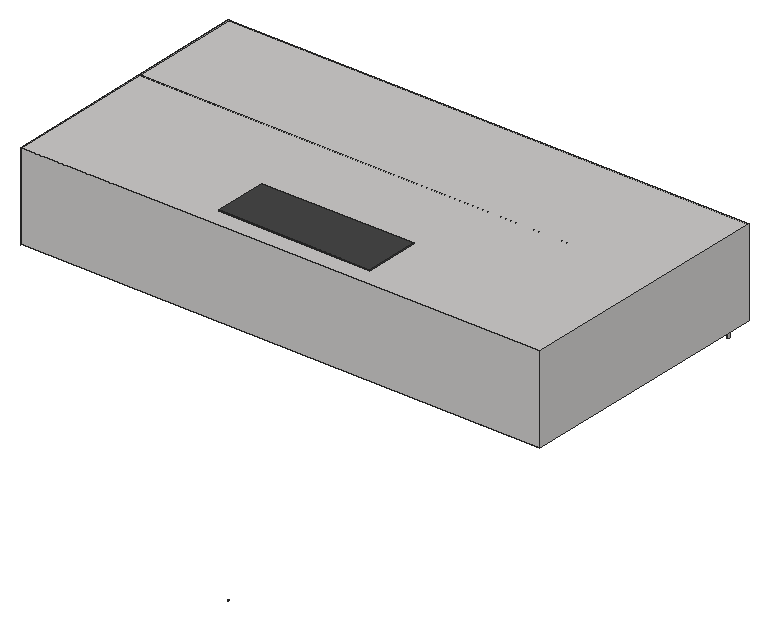
Revit family "QF_ELECTROLUXPROFESSIONAL_643323_DK1224", category Specialty Equipment, Revit 2014
Reference planes
  plane 1: z = 0
  plane 2 "Center (Left/Right)": x = 150
  plane 3 "LEFT": x = -1050
  plane 4 "RIGHT": x = 1350
  plane 5 "BACK": y = 550
  plane 6 "TOP": z = 2400
  plane 7 "Base": z = 2000
  plane 8: z = 1970
  plane 9 "DrainY": y = 450
  plane 10: x = -1047
  plane 11: y = -320
  plane 12: y = -570
  plane 13 "DrainX": x = 1337
  plane 14 "AOLeft2": x = 500
  plane 15: x = 1347
  plane 16: x = -850
  plane 17: x = 1150
  plane 18 "Center (Front/Back)": y = -50
  plane 19 "Front": y = -650
  plane 20 "AOLeft1": x = -200
Forms (mm)
  Extrusion 1, solid, material "QF_Finishes_Stainless Steel"
    sketch origin (-1050, 0, 360) x (0, 1, 0) y (0, 0, 1)
      loop
        line (550, 1640) -> (550, 2040) -> (-650, 2040) -> (-650, 1640) -> (550, 1640)
    from 0 to 3
  Extrusion 2, solid, material "QF_Finishes_Stainless Steel"
    sketch origin (1350, 0, 360) x (0, 1, 0) y (0, 0, 1)
      loop
        line (550, 1640) -> (550, 2040) -> (-650, 2040) -> (-650, 1640) -> (550, 1640)
    from 0 to -3
  Extrusion 3, solid, material "QF_Finishes_Stainless Steel"
    sketch origin (150, 0, 360) x (0, 1, 0) y (0, 0, 1)
      loop
        line (-650, 2040) -> (-650, 1640) -> (-640, 1640) -> (-640, 1640.8) -> (-649.2, 1640.8) -> (-649.2, 2039.19) -> (549.2, 2039.19) -> (549.2, 1640.8) -> (540, 1640.8) -> (540, 1640) -> (550, 1640) -> (550, 2040) -> (-650, 2040)
    from -1200 to 1200
  Extrusion 4, solid, material "QF_Finishes_Stainless Steel"
    sketch origin (0, 0, 2000) x (0, 1, 0) y (-1, 0, 0)
      loop
        circle (450, -1337) r 4.763
    from -30 to 0
  Extrusion 5, solid, material "QF_Finishes_Black"
    sketch origin (0, 0, 2400) x (0, 1, 0) y (-1, 0, 0)
      loop
        line (-320, -500) -> (-320, 200) -> (-570, 200) -> (-570, -500) -> (-320, -500)
    from 5 to 0
  Extrusion 6, solid, material "QF_Finishes_Stainless Steel"
    sketch origin (0, 0, 0) x (1, 0, 0) y (0, 1, 0)
      loop
        line (-1050, 550) -> (-1050, 549) -> (-1049, 549) -> (-1049, 550) -> (-1050, 550)
    from 0 to 1
  Sweep 7, solid, material "QF_Finishes_Stainless Steel"
    path origin (0, 0, 0) x (1, 0, 0) y (0, 1, 0)
      loop
        line (1350, 550) -> (-1050, 550) -> (-1050, -650) -> (1350, -650) -> (1350, 550)
    profile origin (1350, -50, 0) x (1, 0, 0) y (0, 0, 1)
      loop
        line (-3, 2000) -> (-3, 2000.8) -> (-19, 2000.8) -> (-19, 2010) -> (-20, 2010) -> (-20, 2000) -> (-3, 2000)
  Extrusion 8, solid, material "QF_Finishes_Stainless Steel"
    sketch origin (150, 0, 0) x (0, 1, 0) y (0, 0, 1)
      loop
        line (35, 2399.19) -> (34.2, 2399.19) -> (34.2, 2329.838) -> (-320.309, 2254.485) -> (-614.003, 2066.672) -> (-614.003, 2000.8) -> (-613.203, 2000.8) -> (-613.203, 2066.234) -> (-320, 2253.732) -> (35, 2329.19) -> (35, 2399.19)
    from -1197 to 1197
Cuts and joins
  joined: Extrusion 2, Extrusion 3, Sweep 7
Lines and regions (mm)
  symbolic lines, style "SpecialityEquipment", detail levels coarse
    curve 1: line (1350, 550, 2400) -> (-1050, 550, 2400)
    curve 2: line (-1050, 550, 2400) -> (-1050, -650, 2400)
    curve 3: line (1350, -650, 2400) -> (1350, 550, 2400)
    curve 4: line (-1050, 550, 0) -> (1350, -650, 0)
    curve 5: line (1350, 550, 0) -> (-1050, -650, 0)
    curve 6: line (-1050, -650, 0) -> (1350, -650, 0)
  symbolic lines, detail levels coarse
    curve 7: line (-200, -570, 0) -> (500, -570, 0)
    curve 8: line (-200, -320, 0) -> (-200, -570, 0)
    curve 9: line (500, -320, 0) -> (-200, -320, 0)
    curve 10: line (500, -570, 0) -> (500, -320, 0)
Dimensions and locks
  plane 3 "LEFT" to plane 4 "RIGHT" = 2400 mm
  equal spacing: plane 3 "LEFT", plane 2 "Center (Left/Right)", plane 4 "RIGHT"
  plane 7 "Base" to plane 8 = 30 mm
  plane 5 "BACK" to plane 9 "DrainY" = 100 mm  (x2)
  plane 3 "LEFT" to plane 10 = 3 mm
  plane 13 "DrainX" to plane 4 "RIGHT" = 13 mm
  plane 15 to plane 4 "RIGHT" = 3 mm
  plane 3 "LEFT" to plane 16 = 200 mm
  plane 17 to plane 4 "RIGHT" = 200 mm
  locked: plane 7 "Base" to level at 2000
  locked: plane 6 "TOP" to plane 7 "Base" at 400
  plane 5 "BACK" to plane 19 "Front" = 1200 mm  (x2)
  equal spacing: plane 5 "BACK", plane 18 "Center (Front/Back)", plane 19 "Front"
  plane 12 to plane 19 "Front" = 80 mm
  locked: plane 11 to plane 12 at 250
  locked: plane 20 "AOLeft1" to plane 14 "AOLeft2" at 700
  equal spacing: plane 20 "AOLeft1", plane 2 "Center (Left/Right)", plane 14 "AOLeft2"
  aligned and locked: level to plane 1
  aligned and locked: plane 4 "RIGHT" to Extrusion 3
  aligned and locked: Extrusion 3 to plane 3 "LEFT"
  aligned and locked: Extrusion 5 to plane 12
  aligned and locked: Extrusion 5 to plane 11
  aligned and locked: Extrusion 2 to plane 15
  aligned and locked: Extrusion 8 to plane 10
  aligned and locked: plane 15 to Extrusion 8
  aligned and locked: Extrusion 5 to plane 20 "AOLeft1"
  aligned and locked: Extrusion 5 to plane 14 "AOLeft2"
Automatic sketch dimensions
  Extrusion 1 sketch curve to plane 7 "Base" = 0 mm
  Extrusion 1 sketch curve to plane 19 "Front" = 0 mm
  Extrusion 1 sketch curve to plane 5 "BACK" = 0 mm
  Extrusion 1 sketch curve to plane 6 "TOP" = 0 mm
  Extrusion 2 sketch curve to plane 7 "Base" = 0 mm
  Extrusion 2 sketch curve to plane 19 "Front" = 0 mm
  Extrusion 2 sketch curve to plane 5 "BACK" = 0 mm
  Extrusion 2 sketch curve to plane 6 "TOP" = 0 mm
  Extrusion 3 sketch curve to plane 6 "TOP" = 0 mm
  Extrusion 3 sketch curve to plane 19 "Front" = 0 mm
  Extrusion 3 sketch curve to plane 7 "Base" = 0 mm  (x2)
  Extrusion 3 sketch curve to plane 5 "BACK" = 0 mm
  plane 19 "Front" to Extrusion 3 sketch curve = 0.8 mm
  Extrusion 3 sketch curve to Extrusion 3 sketch curve = 9.2 mm
  plane 7 "Base" to Extrusion 3 sketch curve = 0.8 mm  (x2)
  Extrusion 3 sketch curve to plane 5 "BACK" = 10 mm
  Extrusion 3 sketch curve to plane 5 "BACK" = 0.8 mm
  Extrusion 3 sketch curve to plane 6 "TOP" = 0.81 mm
  Extrusion 4 sketch curve to plane 9 "DrainY" = 0 mm
  Extrusion 4 sketch curve to plane 13 "DrainX" = 0 mm
  Extrusion 5 sketch curve to plane 12 = 0 mm
  plane 11 to Extrusion 5 sketch curve = 0 mm
  Extrusion 5 sketch curve to plane 14 "AOLeft2" = 0 mm
  Extrusion 5 sketch curve to plane 20 "AOLeft1" = 0 mm
  Extrusion 6 sketch curve to plane 3 "LEFT" = 0 mm
  Extrusion 6 sketch curve to plane 5 "BACK" = 0 mm
  plane 3 "LEFT" to Extrusion 6 sketch curve = 1 mm
  Extrusion 6 sketch curve to Extrusion 6 sketch curve = 1 mm
  Sweep 7 sketch curve to plane 3 "LEFT" = 0 mm
  Sweep 7 sketch curve to plane 4 "RIGHT" = 0 mm
  Sweep 7 sketch curve to plane 19 "Front" = 0 mm
  Sweep 7 sketch curve to plane 5 "BACK" = 0 mm
  profile plane to Sweep 7 sketch curve = 20 mm
  Sweep 7 sketch curve to Sweep 7 sketch curve = 1 mm
  profile plane to Sweep 7 sketch curve = 3 mm
  level to Sweep 7 sketch curve = 2000 mm
  Sweep 7 sketch curve to Sweep 7 sketch curve = 0.8 mm
  Sweep 7 sketch curve to Sweep 7 sketch curve = 9.2 mm
  curve 5 to plane 3 "LEFT" = 0 mm
  curve 4 to plane 3 "LEFT" = 0 mm
  curve 6 to plane 19 "Front" = 0 mm
  curve 5 to plane 4 "RIGHT" = 0 mm
  curve 6 to plane 4 "RIGHT" = 0 mm
  curve 5 to plane 5 "BACK" = 0 mm
  curve 4 to plane 5 "BACK" = 0 mm
  curve 2 to plane 3 "LEFT" = 0 mm
  curve 2 to plane 19 "Front" = 0 mm
  curve 3 to plane 4 "RIGHT" = 0 mm
  curve 3 to plane 19 "Front" = 0 mm
  curve 2 to plane 5 "BACK" = 0 mm
  Extrusion 8 sketch curve to plane 11 = 0 mm
  plane 11 to Extrusion 8 sketch curve = 0.309 mm
  plane 7 "Base" to Extrusion 8 sketch curve = 0.8 mm
  plane 19 "Front" to Extrusion 8 sketch curve = 36.797 mm
  Extrusion 8 sketch curve to Extrusion 8 sketch curve = 0.8 mm  (x2)
  plane 18 "Center (Front/Back)" to Extrusion 8 sketch curve = 84.2 mm
  Extrusion 8 sketch curve to Extrusion 8 sketch curve = 65.434 mm
  Extrusion 8 sketch curve to plane 6 "TOP" = 146.268 mm
  Extrusion 8 sketch curve to Extrusion 8 sketch curve = 0.752 mm
  Extrusion 8 sketch curve to plane 6 "TOP" = 70.81 mm
  Extrusion 8 sketch curve to Extrusion 8 sketch curve = 0.648 mm
  Extrusion 8 sketch curve to Extrusion 8 sketch curve = 0.438 mm
  Extrusion 8 sketch curve to plane 6 "TOP" = 0.81 mm
  curve 7 to plane 12 = 0 mm
  curve 7 to plane 20 "AOLeft1" = 0 mm
  plane 11 to curve 8 = 0 mm
  curve 9 to plane 14 "AOLeft2" = 0 mm
  radius of Extrusion 4 sketch curve = 4.763 mm
Connectors
  piping at (1337, 450, 1970), diameter 9.5
    settings: on Extrusion 4, index 1, connector inside diameter 609.6 mm, connector length 0 mm, flow factor 0, pipe flow 0.0 L/s, pressure drop 0.0 Pa, fitting loss kfactor 0, connector angle 0.00°, fixture units 0, engagement length 0 mm, angle of deflection 0.00°, flow configuration 1, flow direction 2, fitting loss method 0, system type 16, joint type 0, gender type 0, connector reference index -1, connector utility 0, adjustable connector no, is connector primary yes, connector description "Drain"
  hvac at (150, -445, 2405)
    settings: on Extrusion 5, index 2, duct flow 0.0 L/s, flow factor 0, pres drop 0.0 Pa, loss coef 0, conn angle 0.00°, conn width 250 mm, conn height 700 mm, conn diameter 609.6 mm, duct sys type 3, conn prof type 1, flow config 1, flow direction 2, loss method 0, conn ref index -1, conn util no, is conn primary yes, conn desc "EXHAUST OUTLET"
